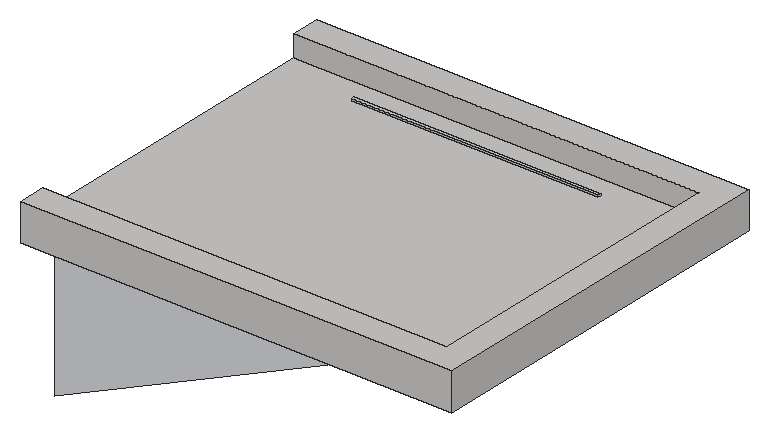
Revit family "QF_ZANUSSI_865300_BHHDWSS06", category Attrezzature speciali, Revit 2020
Family settings
  Quota connettore circolare = Usa diametro
  Tipo di parte = Normale
  Basato su piano di lavoro = No
  Sempre verticale = Sì
  Taglio con vuoti quando caricato = No
  Condiviso = No
  Punto di calcolo locali = No
Parameters (values of type "Standard")
  Weight = 6.00 kg
  Watts = 0 W
  Volts = 0 V
  URL Manufacturer = "http://www.zanussiprofessional.com"
  URL = "http://www.zanussiprofessional.com"
  Steam Supply Size = 0 mm
  Steam Supply Minimum Pressure = 0.0 Pa
  Steam Supply Maximum Pressure = 0.0 Pa
  Steam Consumption per Hour = 0
  Refrigeration Suction Line Size = 0 mm
  Refrigeration Liquid Line Size = 0 mm
  Refrigerant Compressor Remote = yes
  Prospetto di default = 0 mm
  Produttore = "Zanussi"
  Phase = 0
  Modello = "BHHDWSS06"
  Length Actual = 700 mm  # constant formula
  Item Number = "865300"
  Hot Water Size = 0 mm
  Height Actual = 310 mm  # constant formula
  HP = "0 HP"
  Gas Size = 0 mm
  Gas KW = 0
  Gas Input Pressure = 0 W
  Direct Waste Size = 0 mm
  Descrizione = "DW TABLE UNLOAD&LOAD.700MM-HT ENTRY LEV."
  Depth Actual = 600 mm  # constant formula
  Cycle = 0 Hz
  Condensate Return Size = 0 mm
  Compressed Air Volume = 0.0 L/s
  Compressed Air Size = 0 mm
  Compressed Air Pressure = 0.0 Pa
  Cold Water Size = 0 mm
  Accessory = yes
Reference planes
  plane 1 "Back": y = 0
  plane 2: z = 0
  plane 3 "Left": x = 0
Forms (mm)
  Extrusion 1, solid, material "QF_Finishes_Stainless Steel"
    sketch origin (0, 0, 106.604) x (1, 0, 0) y (0, 1, 0)
      loop
        line (0, 0) -> (0, -600) -> (700, -600) -> (700, 0) -> (0, 0)
    from 145.396 to 205.396
  Extrusion 2, void
    sketch origin (-100, 0, -597.042) x (1, 0, 0) y (0, 1, 0)
      loop
        line (100, -45) -> (100, -555) -> (755, -555) -> (755, -45) -> (100, -45)
    from 874.042 to 909.042
  Extrusion 3, solid, material "QF_Finishes_Stainless Steel"
    sketch origin (-22.046, 0, -598) x (1, 0, 0) y (0, 1, 0)
      loop
        line (147.046, -80.302) -> (147.046, -85.302) -> (547.046, -85.302) -> (547.046, -80.302) -> (147.046, -80.302)
    from 875 to 878
  Extrusion 4, solid, material "QF_Finishes_Stainless Steel"
    sketch origin (-22.046, -600, -598) x (1, 0, 0) y (0, 1, 0)
      loop
        line (147.046, 80.302) -> (547.046, 80.302) -> (547.046, 85.302) -> (147.046, 85.302) -> (147.046, 80.302)
    from 875 to 878
  Extrusion 5, solid
    sketch origin (0, -69.783, -598) x (1, 0, 0) y (0, 0, 1)
      loop
        line (0, 850) -> (0, 598) -> (558.054, 850) -> (0, 850)
    from 0 to 460.435
Cuts and joins
  Extrusion 2 cuts Extrusion 1
Dimensions and locks
  Extrusion 1 to Extrusion 1 = 60 mm
  equal spacing: Extrusion 1, Extrusion 2 sketch curve, Extrusion 2 sketch curve, Extrusion 1
  equal spacing: Extrusion 1, Extrusion 2 sketch curve, Extrusion 1
  Extrusion 2 to Extrusion 2 = 35 mm
  Extrusion 2 to level = 312 mm
  Extrusion 2 to Extrusion 1 = 700 mm
  Extrusion 1 to Extrusion 1 = 600 mm
  Extrusion 1 to Extrusion 5 sketch curve = 312 mm
  Extrusion 1 to Extrusion 5 to Extrusion 5 to Extrusion 1 = 69.783 mm, 460.435 mm, 69.783 mm
  aligned and locked: level to plane 2
